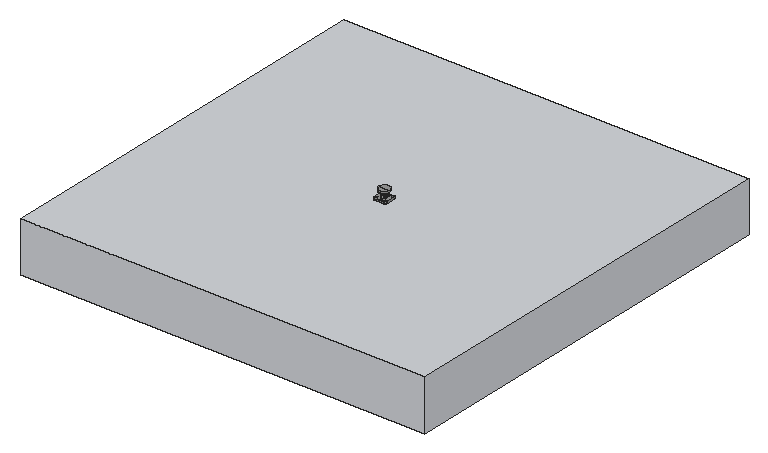
Revit family "Hekatron_Feststellanlagen_AFS 65_DE_22.01", category Brandmelder, Revit 2018
Family settings
  Basisbauteil = Fläche
  Beschriftungsausrichtung beibehalten = Ja
  Bemaßung runder Anschluss = Durchmesser verwenden
  Teiletyp = Normal
  OmniClass-Nummer = 23.85.30.21
  OmniClass-Titel = Environmental Detection/Registration
  Beim Laden mit Abzugskörper schneiden = Nein
  Gemeinsam genutzt = Nein
  Raumberechnungspunkt = Nein
Parameters (values of type "AFS 65")
  Zulässige Umgebungstemperatur = ""
  Zulässige Luftgeschwindigkeit = ""
  Zulassungen nach EN 54 = ""
  Width [instance] = 75 mm
  Version des BIM Objektes = "22.01"
  VdS-Anerkennung = ""
  URL = "https://www.hekatron-brandschutz.de"
  UB A&S Artikel Nummer = "6500178"
  Typenkommentare = "Flexible Winkelankerplatte AFS 65"
  Tiefe (mm) = "75.0"
  Stromaufnahme = ""
  Schutzart = ""
  Rauchteil einstellbar = ""
  Nettogewicht (g) = ""
  Montageart = "Türmontage"
  Modell = "AFS 65"
  Material = "Kunststoff\nMetall"
  Link zum Datenblatt = ""
  Link zu ausschreiben.de = "http://www.ausschreiben.de/katalog/Hekatron/position/80"
  Link zu Produktinformation = "https://www.hekatron-planungstools.de/Produktinfo/AFS_65.PDF"
  Link zu Ausschreibungstext = "https://www.meinhplus.de/login"
  Leistungserklärung (DoP) = ""
  Lautstärke DIN-Ton (dB) = ""
  Kabeleinführung = ""
  Höhe (mm) = "55.0"
  Hersteller = "Hekatron"
  Heigth [instance] = 75 mm
  Funktionsprinzip = ""
  Farbe = "silber/schwarz"
  Ex-Zonen = ""
  Einstellung Temperaturklasse nach EN 54-5 = ""
  Einstellung Temperaturindex nach EN 54-5 = ""
  Einstellung Rauchempfindlichkeit nach EN 54-20 = ""
  Einstellen Rauchempfindlichkeit nach EN 54-7 = ""
  EG-Konformitätszertifikat / Zertifikat der Leistungsbeständigkeit = ""
  Durchmesser (mm) = ""
  Depth [instance] = 55 mm
  Vorgabe-Ansicht = 1200 mm
  Breite (mm) = "75.0"
  Betriebsspannung = ""
  Beschreibung = "Ankerplatte, Durchmesser 65mm, für extreme Einstellungen, passend zum THM 425."
  Bauartgenehmigungen = ""
  Anzahl Ansaugleitungen = ""
  Ansprechtemperatur = ""
  Alarm- & Empfindlichkeitsbereich = ""
Reference planes
  plane 1 "Center (Front/Back)": y = 0
  plane 2: z = 0
  plane 3 "Center (Left/Right)": x = 0
Forms (mm)
  Extrusion 1, solid
    sketch origin (0, 0, 0) x (1, 0, 0) y (0, 1, 0)
      loop
        line (-1219.2, 1219.2) -> (-1219.2, -1219.2) -> (1219.2, -1219.2) -> (1219.2, 1219.2) -> (-1219.2, 1219.2)
    from 0 to -304.8
  Revolve 2, solid, material "Silver"
    sketch origin (0, 0, 48) x (-1, 0, 0) y (0, 0, -1)
      loop
        line (0, 5.5) -> (-5.5, 5.5)
        arc (-5.5, 5.5) -> (-6.561, 5.061) -> (-7, 4) r 1.5
        line (-7, 4) -> (-7, 3.15) -> (-5, 3.15) -> (-5, 2.35) -> (-7, 2.35) -> (-7, 1.5)
        arc (-7, 1.5) -> (-6.561, 0.439) -> (-5.5, 0) r 1.5
        line (-5.5, 0) -> (-32.5, 0) -> (-32.5, -7) -> (0, -7) -> (0, 5.5)
      axis (0, 5.5) -> (0, -7)
    angle from 0 to 360
  Extrusion 3, solid, material "Steel, Carbon"
    sketch origin (0, 0, 0) x (1, 0, 0) y (0, 1, 0)
      loop
        line (30, 37.5) -> (-30, 37.5)
        arc (-30, 37.5) -> (-35.303, 35.303) -> (-37.5, 30) r 7.5
        line (-37.5, 30) -> (-37.5, -30)
        arc (-37.5, -30) -> (-35.303, -35.303) -> (-30, -37.5) r 7.5
        line (-30, -37.5) -> (30, -37.5)
        arc (30, -37.5) -> (35.303, -35.303) -> (37.5, -30) r 7.5
        line (37.5, -30) -> (37.5, 30)
        arc (37.5, 30) -> (35.303, 35.303) -> (30, 37.5) r 7.5
    from 0.8 to 8
  Extrusion 4, solid, material "Steel, Carbon"
    sketch origin (0, 0, 0) x (1, 0, 0) y (0, 1, 0)
      loop
        circle (30, 30) r 7.5
      loop
        circle (-30, 30) r 7.5
      loop
        circle (30, -30) r 7.5
      loop
        circle (-30, -30) r 7.5
    from 0 to 0.8
  Revolve 5, void
    sketch origin (0, -30, 0) x (1, 0, 0) y (0, 0, -1)
      loop
        line (-24.75, -8) -> (-27.25, -5.5) -> (-27.25, 0) -> (-30, 0) -> (-30, -8) -> (-24.75, -8)
      axis (-30, 0) -> (-30, -8)
    angle from 0 to 360
  Sweep 6, void
    path in 3D
      loop
        arc (-37.5, -30, 8) -> (-35.303, -35.303, 8) -> (-30, -37.5, 8) r 7.5
        line (-30, -37.5, 8) -> (30, -37.5, 8)
        arc (30, -37.5, 8) -> (35.303, -35.303, 8) -> (37.5, -30, 8) r 7.5
        line (37.5, -30, 8) -> (37.5, 30, 8)
        arc (37.5, 30, 8) -> (35.303, 35.303, 8) -> (30, 37.5, 8) r 7.5
        line (30, 37.5, 8) -> (-30, 37.5, 8)
        arc (-30, 37.5, 8) -> (-35.303, 35.303, 8) -> (-37.5, 30, 8) r 7.5
        line (-37.5, 30, 8) -> (-37.5, -30, 8)
    profile origin (-37.5, 0, 8) x (1, 0, 0) y (0, 0, 1)
      loop
        line (0, 0) -> (0, -1)
        arc (0, -1) -> (0.293, -0.293) -> (1, 0) r 1
        line (1, 0) -> (0, 0)
  Blend 7, void
    base sketch origin (0, 0, 0) x (-1, 0, 0) y (0, -1, 0)
      loop
        arc (20, -32.5) -> (21.768, -31.768) -> (22.5, -30) r 2.5
        arc (22.5, -30) -> (22.564, -29.021) -> (22.756, -28.059) r 7.5
        arc (22.756, -28.059) -> (22.756, -26.765) -> (22.109, -25.644) r 2.5
        line (22.109, -25.644) -> (11.77, -15.306)
        arc (11.77, -15.306) -> (9.046, -14.764) -> (7.502, -17.074) r 2.5
        arc (7.502, -17.074) -> (6.77, -18.841) -> (5.002, -19.574) r 2.5
        arc (5.002, -19.574) -> (3.235, -20.306) -> (2.5, -22.074) r 2.5
        line (2.5, -22.074) -> (2.5, -30)
        arc (2.5, -30) -> (3.232, -31.768) -> (5, -32.5) r 2.5
        line (5, -32.5) -> (20, -32.5)
    top sketch origin (0, 0, 0) x (-1, 0, 0) y (0, -1, 0)
      loop
        arc (20, -31.1) -> (20.778, -30.778) -> (21.1, -30) r 1.1
        arc (21.1, -30) -> (21.176, -28.838) -> (21.403, -27.697) r 8.9
        arc (21.403, -27.697) -> (21.403, -27.127) -> (21.119, -26.634) r 1.1
        line (21.119, -26.634) -> (10.78, -16.296)
        arc (10.78, -16.296) -> (9.582, -16.057) -> (8.902, -17.074) r 1.1
        arc (8.902, -17.074) -> (7.76, -19.831) -> (5.002, -20.974) r 3.9
        arc (5.002, -20.974) -> (4.225, -21.296) -> (3.9, -22.074) r 1.1
        line (3.9, -22.074) -> (3.9, -30)
        arc (3.9, -30) -> (4.222, -30.778) -> (5, -31.1) r 1.1
        line (5, -31.1) -> (20, -31.1)
    from 0.8 to 3
  Blend 8, void
    base sketch origin (0, 0, 0) x (0, 1, 0) y (-1, 0, 0)
      loop
        line (20, 32.5) -> (5, 32.5)
        arc (5, 32.5) -> (3.232, 31.768) -> (2.5, 30) r 2.5
        line (2.5, 30) -> (2.5, 12.071)
        arc (2.5, 12.071) -> (4.043, 9.761) -> (6.768, 10.303) r 2.5
        line (6.768, 10.303) -> (22.109, 25.644)
        arc (22.109, 25.644) -> (22.756, 26.765) -> (22.756, 28.059) r 2.5
        arc (22.756, 28.059) -> (22.564, 29.021) -> (22.5, 30) r 7.5
        arc (22.5, 30) -> (21.768, 31.768) -> (20, 32.5) r 2.5
    top sketch origin (0, 0, 0) x (0, 1, 0) y (-1, 0, 0)
      loop
        line (20, 31.1) -> (5, 31.1)
        arc (5, 31.1) -> (4.222, 30.778) -> (3.9, 30) r 1.1
        line (3.9, 30) -> (3.9, 12.071)
        arc (3.9, 12.071) -> (4.579, 11.055) -> (5.778, 11.293) r 1.1
        line (5.778, 11.293) -> (21.119, 26.634)
        arc (21.119, 26.634) -> (21.403, 27.127) -> (21.403, 27.697) r 1.1
        arc (21.403, 27.697) -> (21.176, 28.838) -> (21.1, 30) r 8.9
        arc (21.1, 30) -> (20.778, 30.778) -> (20, 31.1) r 1.1
    from 0.8 to 3
  Revolve 9, void
    sketch origin (0, -30, 0) x (-1, 0, 0) y (0, 0, 1)
      loop
        line (-24.75, 8) -> (-30, 8) -> (-30, 0) -> (-27.25, 0) -> (-27.25, 5.5) -> (-24.75, 8)
      axis (-30, 0) -> (-30, 8)
    angle from 0 to 360
  Revolve 10, void
    sketch origin (0, 30, 0) x (1, 0, 0) y (0, 0, 1)
      loop
        line (-24.75, 8) -> (-30, 8) -> (-30, 0) -> (-27.25, 0) -> (-27.25, 5.5) -> (-24.75, 8)
      axis (-30, 0) -> (-30, 8)
    angle from 0 to 360
  Revolve 11, void
    sketch origin (0, 30, 0) x (-1, 0, 0) y (0, 0, -1)
      loop
        line (-24.75, -8) -> (-27.25, -5.5) -> (-27.25, 0) -> (-30, 0) -> (-30, -8) -> (-24.75, -8)
      axis (-30, 0) -> (-30, -8)
    angle from 0 to 360
  Extrusion 12, void
    sketch origin (0, 0, 0) x (1, 0, 0) y (0, 0, 1)
      loop
        line (-8, 33.5) -> (-8, 9.5) -> (8, 9.5) -> (8, 33.5) -> (-8, 33.5)
    from -11 to 11
  Extrusion 13, solid, material "Steel, Carbon"
    sketch origin (0, 0, 0) x (0, 1, 0) y (0, 0, 1)
      loop
        arc (-11, 20.5) -> (0, 9.5) -> (11, 20.5) r 11
        line (11, 20.5) -> (11, 42.5) -> (-11, 42.5) -> (-11, 20.5)
    from -14 to 14
  Sweep 14, void
    path in 3D
      loop
        line (14, -11, 42.5) -> (14, -11, 20.5)
        arc (14, -11, 20.5) -> (14, 0, 9.5) -> (14, 11, 20.5) r 11
        line (14, 11, 20.5) -> (14, 11, 42.5)
    profile origin (14, 11, 31.5) x (0, -1, 0) y (1, 0, 0)
      loop
        line (3, 0) -> (0, 0) -> (0, -3)
        arc (0, -3) -> (0.879, -0.879) -> (3, 0) r 3
  Sweep 15, void
    path in 3D
      loop
        line (-14, -11, 42.5) -> (-14, -11, 20.5)
        arc (-14, -11, 20.5) -> (-14, 0, 9.5) -> (-14, 11, 20.5) r 11
        line (-14, 11, 20.5) -> (-14, 11, 42.5)
    profile origin (-14, 11, 31.5) x (0, 1, 0) y (-1, 0, 0)
      loop
        arc (-3, 0) -> (-0.879, -0.879) -> (0, -3) r 3
        line (0, -3) -> (0, 0) -> (-3, 0)
  Revolve 16, solid, material "Stainless Steel"
    sketch origin (0, 0, 20.5) x (1, 0, 0) y (0, 1, 0)
      loop
        line (15.957, 5.829) -> (14, 6) -> (14, 0) -> (17.6, 0) -> (17.6, 4.036)
        arc (17.6, 4.036) -> (17.127, 5.252) -> (15.957, 5.829) r 1.8
      axis (14, 0) -> (17.6, 0)
    angle from 0 to 360
  Extrusion 17, solid, material "Stainless Steel"
    sketch origin (0, 0, 0) x (0, 1, 0) y (0, 0, 1)
      loop
        line (-2.887, 25.5) -> (-5.774, 20.5) -> (-2.887, 15.5) -> (2.887, 15.5) -> (5.774, 20.5) -> (2.887, 25.5) -> (-2.887, 25.5)
    from -15.2 to -14
  Extrusion 18, solid, material "Stainless Steel"
    sketch origin (0, 0, 0) x (0, 1, 0) y (0, 0, 1)
      loop
        circle (0, 20.5) r 3
    from -16 to -15.2
  Extrusion 19, solid, material "Steel, Carbon"
    sketch origin (0, 0, 0) x (0, 1, 0) y (0, 0, 1)
      loop
        arc (-18.411, 8.5) -> (-18.777, 8.134) -> (-19.277, 8) r 1
        line (-19.277, 8) -> (19.277, 8)
        arc (19.277, 8) -> (18.777, 8.134) -> (18.411, 8.5) r 1
        line (18.411, 8.5) -> (8.612, 25.472)
        arc (8.612, 25.472) -> (4.972, 29.112) -> (0, 30.445) r 9.945
        arc (0, 30.445) -> (-4.972, 29.112) -> (-8.612, 25.472) r 9.945
        line (-8.612, 25.472) -> (-18.411, 8.5)
    from -8 to 8
  Extrusion 20, void
    sketch origin (0, 0, 0) x (0, 1, 0) y (0, 0, 1)
      loop
        line (-4.743, 23.822) -> (3.653, 16.007)
        arc (3.653, 16.007) -> (3.955, 16.271) -> (4.239, 16.555) r 5.791
        arc (4.239, 16.555) -> (4.502, 16.858) -> (4.743, 17.178) r 5.791
        line (4.743, 17.178) -> (-3.653, 24.993)
        arc (-3.653, 24.993) -> (-3.955, 24.729) -> (-4.239, 24.445) r 5.791
        arc (-4.239, 24.445) -> (-4.502, 24.142) -> (-4.743, 23.822) r 5.791
    from 16.2 to 17.6
  Blend 21, void
    base sketch origin (0, 0, 0) x (0, -1, 0) y (1, 0, 0)
      loop
        arc (20, -32.5) -> (21.768, -31.768) -> (22.5, -30) r 2.5
        arc (22.5, -30) -> (22.564, -29.021) -> (22.756, -28.059) r 7.5
        arc (22.756, -28.059) -> (22.756, -26.765) -> (22.109, -25.644) r 2.5
        line (22.109, -25.644) -> (6.768, -10.303)
        arc (6.768, -10.303) -> (4.043, -9.761) -> (2.5, -12.071) r 2.5
        line (2.5, -12.071) -> (2.5, -30)
        arc (2.5, -30) -> (3.232, -31.768) -> (5, -32.5) r 2.5
        line (5, -32.5) -> (20, -32.5)
    top sketch origin (0, 0, 0) x (0, -1, 0) y (1, 0, 0)
      loop
        arc (20, -31.1) -> (20.778, -30.778) -> (21.1, -30) r 1.1
        arc (21.1, -30) -> (21.176, -28.838) -> (21.403, -27.697) r 8.9
        arc (21.403, -27.697) -> (21.403, -27.127) -> (21.119, -26.634) r 1.1
        line (21.119, -26.634) -> (5.778, -11.293)
        arc (5.778, -11.293) -> (4.579, -11.055) -> (3.9, -12.071) r 1.1
        line (3.9, -12.071) -> (3.9, -30)
        arc (3.9, -30) -> (4.222, -30.778) -> (5, -31.1) r 1.1
        line (5, -31.1) -> (20, -31.1)
    from 0.8 to 3
  Blend 22, void
    base sketch origin (0, 0, 0) x (0, 1, 0) y (-1, 0, 0)
      loop
        arc (20, -32.5) -> (21.768, -31.768) -> (22.5, -30) r 2.5
        arc (22.5, -30) -> (22.564, -29.021) -> (22.756, -28.059) r 7.5
        arc (22.756, -28.059) -> (22.756, -26.765) -> (22.109, -25.644) r 2.5
        line (22.109, -25.644) -> (6.768, -10.303)
        arc (6.768, -10.303) -> (4.043, -9.761) -> (2.5, -12.071) r 2.5
        line (2.5, -12.071) -> (2.5, -30)
        arc (2.5, -30) -> (3.232, -31.768) -> (5, -32.5) r 2.5
        line (5, -32.5) -> (20, -32.5)
    top sketch origin (0, 0, 0) x (0, 1, 0) y (-1, 0, 0)
      loop
        arc (20, -31.1) -> (20.778, -30.778) -> (21.1, -30) r 1.1
        arc (21.1, -30) -> (21.176, -28.838) -> (21.403, -27.697) r 8.9
        arc (21.403, -27.697) -> (21.403, -27.127) -> (21.119, -26.634) r 1.1
        line (21.119, -26.634) -> (5.778, -11.293)
        arc (5.778, -11.293) -> (4.579, -11.055) -> (3.9, -12.071) r 1.1
        line (3.9, -12.071) -> (3.9, -30)
        arc (3.9, -30) -> (4.222, -30.778) -> (5, -31.1) r 1.1
        line (5, -31.1) -> (20, -31.1)
    from 0.8 to 3
  Blend 23, void
    base sketch origin (0, 0, 0) x (0, -1, 0) y (1, 0, 0)
      loop
        line (20, 32.5) -> (5, 32.5)
        arc (5, 32.5) -> (3.232, 31.768) -> (2.5, 30) r 2.5
        line (2.5, 30) -> (2.5, 12.071)
        arc (2.5, 12.071) -> (4.043, 9.761) -> (6.768, 10.303) r 2.5
        line (6.768, 10.303) -> (22.109, 25.644)
        arc (22.109, 25.644) -> (22.756, 26.765) -> (22.756, 28.059) r 2.5
        arc (22.756, 28.059) -> (22.564, 29.021) -> (22.5, 30) r 7.5
        arc (22.5, 30) -> (21.768, 31.768) -> (20, 32.5) r 2.5
    top sketch origin (0, 0, 0) x (0, -1, 0) y (1, 0, 0)
      loop
        line (20, 31.1) -> (5, 31.1)
        arc (5, 31.1) -> (4.222, 30.778) -> (3.9, 30) r 1.1
        line (3.9, 30) -> (3.9, 12.071)
        arc (3.9, 12.071) -> (4.579, 11.055) -> (5.778, 11.293) r 1.1
        line (5.778, 11.293) -> (21.119, 26.634)
        arc (21.119, 26.634) -> (21.403, 27.127) -> (21.403, 27.697) r 1.1
        arc (21.403, 27.697) -> (21.176, 28.838) -> (21.1, 30) r 8.9
        arc (21.1, 30) -> (20.778, 30.778) -> (20, 31.1) r 1.1
    from 0.8 to 3
  Blend 24, void
    base sketch origin (0, 0, 0) x (1, 0, 0) y (0, 1, 0)
      loop
        line (20, 32.5) -> (5, 32.5)
        arc (5, 32.5) -> (3.232, 31.768) -> (2.5, 30) r 2.5
        line (2.5, 30) -> (2.5, 22.074)
        arc (2.5, 22.074) -> (3.235, 20.306) -> (5.002, 19.574) r 2.5
        arc (5.002, 19.574) -> (6.77, 18.841) -> (7.502, 17.074) r 2.5
        arc (7.502, 17.074) -> (9.046, 14.764) -> (11.77, 15.306) r 2.5
        line (11.77, 15.306) -> (22.109, 25.644)
        arc (22.109, 25.644) -> (22.756, 26.765) -> (22.756, 28.059) r 2.5
        arc (22.756, 28.059) -> (22.564, 29.021) -> (22.5, 30) r 7.5
        arc (22.5, 30) -> (21.768, 31.768) -> (20, 32.5) r 2.5
    top sketch origin (0, 0, 0) x (1, 0, 0) y (0, 1, 0)
      loop
        line (20, 31.1) -> (5, 31.1)
        arc (5, 31.1) -> (4.222, 30.778) -> (3.9, 30) r 1.1
        line (3.9, 30) -> (3.9, 22.074)
        arc (3.9, 22.074) -> (4.225, 21.296) -> (5.002, 20.974) r 1.1
        arc (5.002, 20.974) -> (7.76, 19.831) -> (8.902, 17.074) r 3.9
        arc (8.902, 17.074) -> (9.582, 16.057) -> (10.78, 16.296) r 1.1
        line (10.78, 16.296) -> (21.119, 26.634)
        arc (21.119, 26.634) -> (21.403, 27.127) -> (21.403, 27.697) r 1.1
        arc (21.403, 27.697) -> (21.176, 28.838) -> (21.1, 30) r 8.9
        arc (21.1, 30) -> (20.778, 30.778) -> (20, 31.1) r 1.1
    from 0.8 to 3
  Blend 25, void
    base sketch origin (0, 0, 0) x (-1, 0, 0) y (0, -1, 0)
      loop
        line (20, 32.5) -> (5, 32.5)
        arc (5, 32.5) -> (3.232, 31.768) -> (2.5, 30) r 2.5
        line (2.5, 30) -> (2.5, 22.074)
        arc (2.5, 22.074) -> (3.235, 20.306) -> (5.002, 19.574) r 2.5
        arc (5.002, 19.574) -> (6.77, 18.841) -> (7.502, 17.074) r 2.5
        arc (7.502, 17.074) -> (9.046, 14.764) -> (11.77, 15.306) r 2.5
        line (11.77, 15.306) -> (22.109, 25.644)
        arc (22.109, 25.644) -> (22.756, 26.765) -> (22.756, 28.059) r 2.5
        arc (22.756, 28.059) -> (22.564, 29.021) -> (22.5, 30) r 7.5
        arc (22.5, 30) -> (21.768, 31.768) -> (20, 32.5) r 2.5
    top sketch origin (0, 0, 0) x (-1, 0, 0) y (0, -1, 0)
      loop
        line (20, 31.1) -> (5, 31.1)
        arc (5, 31.1) -> (4.222, 30.778) -> (3.9, 30) r 1.1
        line (3.9, 30) -> (3.9, 22.074)
        arc (3.9, 22.074) -> (4.225, 21.296) -> (5.002, 20.974) r 1.1
        arc (5.002, 20.974) -> (7.76, 19.831) -> (8.902, 17.074) r 3.9
        arc (8.902, 17.074) -> (9.582, 16.057) -> (10.78, 16.296) r 1.1
        line (10.78, 16.296) -> (21.119, 26.634)
        arc (21.119, 26.634) -> (21.403, 27.127) -> (21.403, 27.697) r 1.1
        arc (21.403, 27.697) -> (21.176, 28.838) -> (21.1, 30) r 8.9
        arc (21.1, 30) -> (20.778, 30.778) -> (20, 31.1) r 1.1
    from 0.8 to 3
  Blend 26, void
    base sketch origin (0, 0, 0) x (1, 0, 0) y (0, 1, 0)
      loop
        arc (20, -32.5) -> (21.768, -31.768) -> (22.5, -30) r 2.5
        arc (22.5, -30) -> (22.564, -29.021) -> (22.756, -28.059) r 7.5
        arc (22.756, -28.059) -> (22.756, -26.765) -> (22.109, -25.644) r 2.5
        line (22.109, -25.644) -> (11.77, -15.306)
        arc (11.77, -15.306) -> (9.046, -14.764) -> (7.502, -17.074) r 2.5
        arc (7.502, -17.074) -> (6.77, -18.841) -> (5.002, -19.574) r 2.5
        arc (5.002, -19.574) -> (3.235, -20.306) -> (2.5, -22.074) r 2.5
        line (2.5, -22.074) -> (2.5, -30)
        arc (2.5, -30) -> (3.232, -31.768) -> (5, -32.5) r 2.5
        line (5, -32.5) -> (20, -32.5)
    top sketch origin (0, 0, 0) x (1, 0, 0) y (0, 1, 0)
      loop
        arc (20, -31.1) -> (20.778, -30.778) -> (21.1, -30) r 1.1
        arc (21.1, -30) -> (21.176, -28.838) -> (21.403, -27.697) r 8.9
        arc (21.403, -27.697) -> (21.403, -27.127) -> (21.119, -26.634) r 1.1
        line (21.119, -26.634) -> (10.78, -16.296)
        arc (10.78, -16.296) -> (9.582, -16.057) -> (8.902, -17.074) r 1.1
        arc (8.902, -17.074) -> (7.76, -19.831) -> (5.002, -20.974) r 3.9
        arc (5.002, -20.974) -> (4.225, -21.296) -> (3.9, -22.074) r 1.1
        line (3.9, -22.074) -> (3.9, -30)
        arc (3.9, -30) -> (4.222, -30.778) -> (5, -31.1) r 1.1
        line (5, -31.1) -> (20, -31.1)
    from 0.8 to 3
  Extrusion 27, void
    sketch origin (0, 0, 0) x (0, 1, 0) y (0, 0, 1)
      loop
        arc (9.288, 14.902) -> (8.432, 14.709) -> (7.74, 14.168) r 2
        arc (7.74, 14.168) -> (0, 10.5) -> (-7.74, 14.168) r 10
        arc (-7.74, 14.168) -> (-8.432, 14.709) -> (-9.288, 14.902) r 2
        arc (-9.288, 14.902) -> (-10.288, 14.634) -> (-11.02, 13.902) r 2
        line (-11.02, 13.902) -> (-17.314, 3) -> (17.314, 3) -> (11.02, 13.902)
        arc (11.02, 13.902) -> (10.288, 14.634) -> (9.288, 14.902) r 2
    from -5.5 to 5.5
  Blend 28, void
    base sketch origin (0, 0, 0) x (1, 0, 0) y (0, 1, 0)
      loop
        line (6.1, 18.714) -> (-6.1, 18.714)
        arc (-6.1, 18.714) -> (-6.666, 18.48) -> (-6.9, 17.914) r 0.8
        line (-6.9, 17.914) -> (-6.9, -17.914)
        arc (-6.9, -17.914) -> (-6.666, -18.48) -> (-6.1, -18.714) r 0.8
        line (-6.1, -18.714) -> (6.1, -18.714)
        arc (6.1, -18.714) -> (6.666, -18.48) -> (6.9, -17.914) r 0.8
        line (6.9, -17.914) -> (6.9, 17.914)
        arc (6.9, 17.914) -> (6.666, 18.48) -> (6.1, 18.714) r 0.8
    top sketch origin (0, 0, 0) x (1, 0, 0) y (0, 1, 0)
      loop
        line (5.5, -17.314) -> (5.5, 17.314) -> (-5.5, 17.314) -> (-5.5, -17.314) -> (5.5, -17.314)
    from 0 to 3
Cuts and joins
  Revolve 5, Sweep 6, Blend 7, Blend 8, Revolve 9, Revolve 10, Revolve 11, Blend 21, Blend 22, Blend 23, Blend 24, Blend 25, Blend 26, Extrusion 27, Blend 28 cuts Extrusion 3
  Revolve 5, Blend 7, Blend 8, Revolve 9, Revolve 10, Revolve 11 cuts Extrusion 4
  Extrusion 12, Sweep 14, Sweep 15, Extrusion 20, Blend 28 cuts Extrusion 13
  Extrusion 20, Extrusion 27 cuts Extrusion 19
  Extrusion 20 cuts Revolve 16
Lines and regions (mm)
  sketch lines
    curve 1: line (-37.5, 30, 8) -> (-37.5, -30, 8)
    curve 2: arc (-37.5, 30, 8) -> (-35.303, 35.303, 8) -> (-30, 37.5, 8) r 7.5
    curve 3: line (30, 37.5, 8) -> (-30, 37.5, 8)
    curve 4: arc (-30, -37.5, 8) -> (-35.303, -35.303, 8) -> (-37.5, -30, 8) r 7.5
    curve 5: line (-30, -37.5, 8) -> (30, -37.5, 8)
    curve 6: arc (37.5, -30, 8) -> (35.303, -35.303, 8) -> (30, -37.5, 8) r 7.5
    curve 7: line (37.5, -30, 8) -> (37.5, 30, 8)
    curve 8: arc (30, 37.5, 8) -> (35.303, 35.303, 8) -> (37.5, 30, 8) r 7.5
    curve 9: line (14, 11, 20.5) -> (14, 11, 42.5)
    curve 10: arc (14, 11, 20.5) -> (14, 0, 9.5) -> (14, -11, 20.5) r 11
    curve 11: line (14, -11, 42.5) -> (14, -11, 20.5)
    curve 12: line (-14, 11, 20.5) -> (-14, 11, 42.5)
    curve 13: arc (-14, 11, 20.5) -> (-14, 0, 9.5) -> (-14, -11, 20.5) r 11
    curve 14: line (-14, -11, 42.5) -> (-14, -11, 20.5)
Dimensions and locks
  "Depth": Revolve 2 to Extrusion 1
  "Width": cut or joined group 1 (Extrusion 3, Revolve 5, Sweep 6, Blend 7, Blend 8, Revolve 9, Revolve 10, Revolve 11, Blend 21, Blend 22, Blend 23, Blend 24, Blend 25, Blend 26, Extrusion 27, Blend 28) to cut or joined group 1
  "Heigth": cut or joined group 1 to cut or joined group 1
  aligned and locked: plane 2 to Extrusion 1
  aligned and locked: level to Extrusion 1
Automatic sketch dimensions
  Extrusion 1 sketch curve to Extrusion 1 sketch curve = 2438.4 mm  (x2)
  Sweep 15 sketch curve to profile plane = 0 mm  (x2)
  profile plane to Sweep 15 sketch curve = 0 mm  (x2)
  Sweep 15 sketch curve to Sweep 15 sketch curve = 3 mm
  Sweep 15 sketch curve to Sweep 15 sketch curve = 0 mm  (x2)
  Extrusion 3 sketch curve to plane 3 "Center (Left/Right)" = 37.5 mm
  Extrusion 3 sketch curve to Extrusion 3 sketch curve = 7.5 mm  (x3)
  plane 3 "Center (Left/Right)" to Extrusion 3 sketch curve = 30 mm  (x2)
  plane 1 "Center (Front/Back)" to Extrusion 3 sketch curve = 37.5 mm
  Extrusion 3 sketch curve to plane 1 "Center (Front/Back)" = 30 mm
  Extrusion 4 sketch curve to plane 3 "Center (Left/Right)" = 30 mm  (x2)
  plane 3 "Center (Left/Right)" to Extrusion 4 sketch curve = 30 mm  (x2)
  plane 1 "Center (Front/Back)" to Extrusion 4 sketch curve = 30 mm  (x2)
  Extrusion 4 sketch curve to plane 1 "Center (Front/Back)" = 30 mm  (x2)
  Revolve 5 sketch curve to level = 0 mm  (x2)
  Revolve 5 sketch curve to plane 3 "Center (Left/Right)" = 30 mm
  Revolve 5 sketch curve to Revolve 5 sketch curve = 2.75 mm
  Revolve 5 sketch curve to Revolve 5 sketch curve = 2.5 mm  (x2)
  Revolve 5 sketch curve to Revolve 5 sketch curve = 5.5 mm
  Revolve 5 sketch curve to Revolve 5 sketch curve = 0 mm
  Revolve 5 sketch curve to Revolve 5 sketch curve = 1.577 mm
  profile plane to Sweep 6 sketch curve = 0 mm
  Sweep 6 sketch curve to profile plane = 0 mm
  Sweep 6 sketch curve to profile plane = 1 mm
  plane 3 "Center (Left/Right)" to Blend 7 sketch curve = 2.5 mm
  Blend 7 sketch curve to Blend 7 sketch curve = 2.5 mm
  plane 3 "Center (Left/Right)" to Blend 7 sketch curve = 5.002 mm  (x2)
  Blend 7 sketch curve to Blend 7 sketch curve = 5 mm  (x4)
  Blend 7 sketch curve to Blend 7 sketch curve = 1.768 mm  (x4)
  Blend 7 sketch curve to Blend 7 sketch curve = 15 mm  (x2)
  Blend 7 sketch curve to Blend 7 sketch curve = 0.341 mm  (x2)
  Blend 7 sketch curve to Blend 7 sketch curve = 7.891 mm
  plane 1 "Center (Front/Back)" to Blend 7 sketch curve = 15.306 mm
  Blend 7 sketch curve to Blend 7 sketch curve = 0 mm  (x6)
  Blend 7 sketch curve to Blend 7 sketch curve = 10.338 mm  (x2)
  Blend 7 sketch curve to Blend 7 sketch curve = 2.588 mm
  Blend 7 sketch curve to Blend 7 sketch curve = 7.926 mm  (x2)
  Blend 7 sketch curve to Blend 7 sketch curve = 0.002 mm  (x2)
  plane 3 "Center (Left/Right)" to Blend 7 sketch curve = 3.9 mm
  Blend 7 sketch curve to Blend 7 sketch curve = 1.1 mm  (x2)
  Blend 7 sketch curve to Blend 7 sketch curve = 0.778 mm  (x4)
  Blend 7 sketch curve to Blend 7 sketch curve = 8.881 mm
  plane 1 "Center (Front/Back)" to Blend 7 sketch curve = 16.296 mm
  Blend 8 sketch curve to plane 1 "Center (Front/Back)" = 2.5 mm
  Blend 8 sketch curve to Blend 8 sketch curve = 2.5 mm  (x2)
  Blend 8 sketch curve to Blend 8 sketch curve = 1.768 mm  (x3)
  Blend 8 sketch curve to Blend 8 sketch curve = 15 mm  (x2)
  Blend 8 sketch curve to Blend 8 sketch curve = 0.341 mm  (x2)
  Blend 8 sketch curve to Blend 8 sketch curve = 7.891 mm
  Blend 8 sketch curve to plane 3 "Center (Left/Right)" = 10.303 mm
  Blend 8 sketch curve to Blend 8 sketch curve = 15.341 mm  (x2)
  Blend 8 sketch curve to Blend 8 sketch curve = 4.356 mm
  Blend 8 sketch curve to Blend 8 sketch curve = 0 mm  (x4)
  Blend 8 sketch curve to plane 1 "Center (Front/Back)" = 3.9 mm
  Blend 8 sketch curve to Blend 8 sketch curve = 1.1 mm  (x2)
  Blend 8 sketch curve to Blend 8 sketch curve = 0.778 mm  (x3)
  Blend 8 sketch curve to Blend 8 sketch curve = 8.881 mm
  Blend 8 sketch curve to plane 3 "Center (Left/Right)" = 11.293 mm
  Blend 8 sketch curve to Blend 8 sketch curve = 3.366 mm
  Revolve 9 sketch curve to level = 0 mm  (x2)
  plane 3 "Center (Left/Right)" to Revolve 9 sketch curve = 30 mm
  Revolve 9 sketch curve to Revolve 9 sketch curve = 2.75 mm
  Revolve 9 sketch curve to Revolve 9 sketch curve = 2.5 mm  (x2)
  Revolve 9 sketch curve to Revolve 9 sketch curve = 5.5 mm
  Revolve 9 sketch curve to Revolve 9 sketch curve = 0 mm
  Revolve 9 sketch curve to Revolve 9 sketch curve = 1.577 mm
  Revolve 10 sketch curve to level = 0 mm  (x2)
  Revolve 10 sketch curve to plane 3 "Center (Left/Right)" = 30 mm
  Revolve 10 sketch curve to Revolve 10 sketch curve = 2.75 mm
  Revolve 10 sketch curve to Revolve 10 sketch curve = 2.5 mm  (x2)
  level to Revolve 10 sketch curve = 5.5 mm
  Revolve 10 sketch curve to Revolve 10 sketch curve = 0 mm
  Revolve 10 sketch curve to Revolve 10 sketch curve = 1.577 mm
  Revolve 11 sketch curve to level = 0 mm  (x2)
  plane 3 "Center (Left/Right)" to Revolve 11 sketch curve = 30 mm
  Revolve 11 sketch curve to Revolve 11 sketch curve = 2.75 mm
  Revolve 11 sketch curve to Revolve 11 sketch curve = 2.5 mm  (x2)
  level to Revolve 11 sketch curve = 5.5 mm
  Revolve 11 sketch curve to Revolve 11 sketch curve = 0 mm
  Revolve 11 sketch curve to Revolve 11 sketch curve = 1.577 mm
  Extrusion 12 sketch curve to plane 3 "Center (Left/Right)" = 8 mm
  plane 3 "Center (Left/Right)" to Extrusion 12 sketch curve = 8 mm
  level to Extrusion 12 sketch curve = 9.5 mm
  Extrusion 12 sketch curve to Extrusion 12 sketch curve = 24 mm
  Extrusion 13 sketch curve to plane 1 "Center (Front/Back)" = 0 mm
  plane 1 "Center (Front/Back)" to Extrusion 13 sketch curve = 11 mm
  level to Extrusion 13 sketch curve = 20.5 mm
  Extrusion 13 sketch curve to Extrusion 13 sketch curve = 22 mm
  Sweep 14 sketch curve to profile plane = 0 mm  (x4)
  Sweep 14 sketch curve to Sweep 14 sketch curve = 3 mm
  Sweep 14 sketch curve to Sweep 14 sketch curve = 0 mm  (x2)
  plane 1 "Center (Front/Back)" to Revolve 16 sketch curve = 0 mm  (x2)
  plane 3 "Center (Left/Right)" to Revolve 16 sketch curve = 14 mm
  Revolve 16 sketch curve to Revolve 16 sketch curve = 1.8 mm
  Revolve 16 sketch curve to plane 1 "Center (Front/Back)" = 5.829 mm
  Revolve 16 sketch curve to Revolve 16 sketch curve = 0.157 mm
  Revolve 16 sketch curve to Revolve 16 sketch curve = 3.6 mm
  Revolve 16 sketch curve to Revolve 16 sketch curve = 0.171 mm
  Revolve 16 sketch curve to Revolve 16 sketch curve = 1.394 mm
  Revolve 16 sketch curve to Revolve 16 sketch curve = 1.864 mm
  plane 1 "Center (Front/Back)" to Extrusion 17 sketch curve = 5.774 mm
  plane 1 "Center (Front/Back)" to Extrusion 17 sketch curve = 2.887 mm  (x2)
  Extrusion 17 sketch curve to plane 1 "Center (Front/Back)" = 2.887 mm  (x2)
  Extrusion 17 sketch curve to Extrusion 17 sketch curve = 2.887 mm
  level to Extrusion 17 sketch curve = 15.5 mm
  Extrusion 17 sketch curve to Extrusion 17 sketch curve = 5 mm  (x3)
  Extrusion 18 sketch curve to Extrusion 18 sketch curve = 0 mm  (x2)
  Extrusion 18 sketch curve to plane 1 "Center (Front/Back)" = 0 mm
  level to Extrusion 18 sketch curve = 20.5 mm
  plane 1 "Center (Front/Back)" to Extrusion 18 sketch curve = 2.196 mm
  Extrusion 18 sketch curve to plane 1 "Center (Front/Back)" = 2.196 mm
  Extrusion 18 sketch curve to Extrusion 18 sketch curve = 2.044 mm
  Extrusion 19 sketch curve to Extrusion 19 sketch curve = 0 mm  (x5)
  Extrusion 19 sketch curve to plane 1 "Center (Front/Back)" = 0 mm
  plane 1 "Center (Front/Back)" to Extrusion 19 sketch curve = 8.612 mm
  level to Extrusion 19 sketch curve = 8.5 mm  (x2)
  plane 1 "Center (Front/Back)" to Extrusion 19 sketch curve = 18.411 mm
  Extrusion 19 sketch curve to Extrusion 19 sketch curve = 0.866 mm  (x2)
  Extrusion 19 sketch curve to plane 1 "Center (Front/Back)" = 8.612 mm
  Extrusion 19 sketch curve to plane 1 "Center (Front/Back)" = 18.411 mm
  Extrusion 19 sketch curve to Extrusion 19 sketch curve = 0.5 mm  (x2)
  level to Extrusion 19 sketch curve = 20.5 mm
  Extrusion 19 sketch curve to Extrusion 19 sketch curve = 4.972 mm
  Extrusion 19 sketch curve to Extrusion 19 sketch curve = 0.865 mm
  Extrusion 20 sketch curve to Extrusion 20 sketch curve = 0 mm  (x12)
  Extrusion 20 sketch curve to plane 1 "Center (Front/Back)" = 0 mm
  plane 1 "Center (Front/Back)" to Extrusion 20 sketch curve = 3.653 mm
  Extrusion 20 sketch curve to Extrusion 20 sketch curve = 1.09 mm  (x2)
  Extrusion 20 sketch curve to plane 1 "Center (Front/Back)" = 3.653 mm
  level to Extrusion 20 sketch curve = 16.007 mm
  Extrusion 20 sketch curve to Extrusion 20 sketch curve = 1.171 mm
  Extrusion 20 sketch curve to Extrusion 20 sketch curve = 3.322 mm
  Extrusion 20 sketch curve to Extrusion 20 sketch curve = 0.586 mm
  Extrusion 20 sketch curve to Extrusion 20 sketch curve = 0.504 mm
  Blend 21 sketch curve to plane 1 "Center (Front/Back)" = 2.5 mm
  Blend 21 sketch curve to Blend 21 sketch curve = 2.5 mm  (x2)
  Blend 21 sketch curve to Blend 21 sketch curve = 1.768 mm  (x3)
  Blend 21 sketch curve to Blend 21 sketch curve = 15 mm  (x2)
  Blend 21 sketch curve to Blend 21 sketch curve = 0.341 mm  (x2)
  Blend 21 sketch curve to Blend 21 sketch curve = 7.891 mm
  plane 3 "Center (Left/Right)" to Blend 21 sketch curve = 10.303 mm
  Blend 21 sketch curve to Blend 21 sketch curve = 15.341 mm  (x2)
  Blend 21 sketch curve to Blend 21 sketch curve = 4.356 mm
  Blend 21 sketch curve to Blend 21 sketch curve = 0 mm  (x4)
  Blend 21 sketch curve to plane 1 "Center (Front/Back)" = 3.9 mm
  Blend 21 sketch curve to Blend 21 sketch curve = 1.1 mm  (x2)
  Blend 21 sketch curve to Blend 21 sketch curve = 0.778 mm  (x3)
  Blend 21 sketch curve to Blend 21 sketch curve = 8.881 mm
  plane 3 "Center (Left/Right)" to Blend 21 sketch curve = 11.293 mm
  Blend 21 sketch curve to Blend 21 sketch curve = 3.366 mm
  plane 1 "Center (Front/Back)" to Blend 22 sketch curve = 2.5 mm
  Blend 22 sketch curve to Blend 22 sketch curve = 2.5 mm  (x2)
  Blend 22 sketch curve to Blend 22 sketch curve = 1.768 mm  (x3)
  Blend 22 sketch curve to Blend 22 sketch curve = 15 mm  (x2)
  Blend 22 sketch curve to Blend 22 sketch curve = 0.341 mm  (x2)
  Blend 22 sketch curve to Blend 22 sketch curve = 7.891 mm
  Blend 22 sketch curve to plane 3 "Center (Left/Right)" = 10.303 mm
  Blend 22 sketch curve to Blend 22 sketch curve = 15.341 mm  (x2)
  Blend 22 sketch curve to Blend 22 sketch curve = 4.356 mm
  Blend 22 sketch curve to Blend 22 sketch curve = 0 mm  (x4)
  plane 1 "Center (Front/Back)" to Blend 22 sketch curve = 3.9 mm
  Blend 22 sketch curve to Blend 22 sketch curve = 1.1 mm  (x2)
  Blend 22 sketch curve to Blend 22 sketch curve = 0.778 mm  (x3)
  Blend 22 sketch curve to Blend 22 sketch curve = 8.881 mm
  Blend 22 sketch curve to plane 3 "Center (Left/Right)" = 11.293 mm
  Blend 22 sketch curve to Blend 22 sketch curve = 3.366 mm
  plane 1 "Center (Front/Back)" to Blend 23 sketch curve = 2.5 mm
  Blend 23 sketch curve to Blend 23 sketch curve = 2.5 mm  (x2)
  Blend 23 sketch curve to Blend 23 sketch curve = 1.768 mm  (x3)
  Blend 23 sketch curve to Blend 23 sketch curve = 15 mm  (x2)
  Blend 23 sketch curve to Blend 23 sketch curve = 0.341 mm  (x2)
  Blend 23 sketch curve to Blend 23 sketch curve = 7.891 mm
  plane 3 "Center (Left/Right)" to Blend 23 sketch curve = 10.303 mm
  Blend 23 sketch curve to Blend 23 sketch curve = 15.341 mm  (x2)
  Blend 23 sketch curve to Blend 23 sketch curve = 4.356 mm
  Blend 23 sketch curve to Blend 23 sketch curve = 0 mm  (x4)
  plane 1 "Center (Front/Back)" to Blend 23 sketch curve = 3.9 mm
  Blend 23 sketch curve to Blend 23 sketch curve = 1.1 mm  (x2)
  Blend 23 sketch curve to Blend 23 sketch curve = 0.778 mm  (x3)
  Blend 23 sketch curve to Blend 23 sketch curve = 8.881 mm
  plane 3 "Center (Left/Right)" to Blend 23 sketch curve = 11.293 mm
  Blend 23 sketch curve to Blend 23 sketch curve = 3.366 mm
  plane 3 "Center (Left/Right)" to Blend 24 sketch curve = 2.5 mm
  Blend 24 sketch curve to Blend 24 sketch curve = 2.5 mm
  plane 3 "Center (Left/Right)" to Blend 24 sketch curve = 5.002 mm  (x2)
  Blend 24 sketch curve to Blend 24 sketch curve = 5 mm  (x4)
  Blend 24 sketch curve to Blend 24 sketch curve = 1.768 mm  (x4)
  Blend 24 sketch curve to Blend 24 sketch curve = 15 mm  (x2)
  Blend 24 sketch curve to Blend 24 sketch curve = 0.341 mm  (x2)
  Blend 24 sketch curve to Blend 24 sketch curve = 7.891 mm
  Blend 24 sketch curve to plane 1 "Center (Front/Back)" = 15.306 mm
  Blend 24 sketch curve to Blend 24 sketch curve = 10.338 mm  (x2)
  Blend 24 sketch curve to Blend 24 sketch curve = 2.588 mm
  Blend 24 sketch curve to Blend 24 sketch curve = 7.926 mm  (x2)
  Blend 24 sketch curve to Blend 24 sketch curve = 0.002 mm  (x2)
  Blend 24 sketch curve to Blend 24 sketch curve = 0 mm  (x6)
  plane 3 "Center (Left/Right)" to Blend 24 sketch curve = 3.9 mm
  Blend 24 sketch curve to Blend 24 sketch curve = 1.1 mm  (x2)
  Blend 24 sketch curve to Blend 24 sketch curve = 0.778 mm  (x4)
  Blend 24 sketch curve to Blend 24 sketch curve = 8.881 mm
  Blend 24 sketch curve to plane 1 "Center (Front/Back)" = 16.296 mm
  Blend 25 sketch curve to plane 3 "Center (Left/Right)" = 2.5 mm
  Blend 25 sketch curve to Blend 25 sketch curve = 2.5 mm
  Blend 25 sketch curve to plane 3 "Center (Left/Right)" = 5.002 mm  (x2)
  Blend 25 sketch curve to Blend 25 sketch curve = 5 mm  (x4)
  Blend 25 sketch curve to Blend 25 sketch curve = 1.768 mm  (x4)
  Blend 25 sketch curve to Blend 25 sketch curve = 15 mm  (x2)
  Blend 25 sketch curve to Blend 25 sketch curve = 0.341 mm  (x2)
  Blend 25 sketch curve to Blend 25 sketch curve = 7.891 mm
  plane 1 "Center (Front/Back)" to Blend 25 sketch curve = 15.306 mm
  Blend 25 sketch curve to Blend 25 sketch curve = 10.338 mm  (x2)
  Blend 25 sketch curve to Blend 25 sketch curve = 2.588 mm
  Blend 25 sketch curve to Blend 25 sketch curve = 7.926 mm  (x2)
  Blend 25 sketch curve to Blend 25 sketch curve = 0.002 mm  (x2)
  Blend 25 sketch curve to Blend 25 sketch curve = 0 mm  (x6)
  Blend 25 sketch curve to plane 3 "Center (Left/Right)" = 3.9 mm
  Blend 25 sketch curve to Blend 25 sketch curve = 1.1 mm  (x2)
  Blend 25 sketch curve to Blend 25 sketch curve = 0.778 mm  (x4)
  Blend 25 sketch curve to Blend 25 sketch curve = 8.881 mm
  plane 1 "Center (Front/Back)" to Blend 25 sketch curve = 16.296 mm
  Blend 26 sketch curve to plane 3 "Center (Left/Right)" = 2.5 mm
  Blend 26 sketch curve to Blend 26 sketch curve = 2.5 mm
  Blend 26 sketch curve to plane 3 "Center (Left/Right)" = 5.002 mm  (x2)
  Blend 26 sketch curve to Blend 26 sketch curve = 5 mm  (x4)
  Blend 26 sketch curve to Blend 26 sketch curve = 1.768 mm  (x4)
  Blend 26 sketch curve to Blend 26 sketch curve = 15 mm  (x2)
  Blend 26 sketch curve to Blend 26 sketch curve = 0.341 mm  (x2)
  Blend 26 sketch curve to Blend 26 sketch curve = 7.891 mm
  Blend 26 sketch curve to plane 1 "Center (Front/Back)" = 15.306 mm
  Blend 26 sketch curve to Blend 26 sketch curve = 10.338 mm  (x2)
  Blend 26 sketch curve to Blend 26 sketch curve = 2.588 mm
  Blend 26 sketch curve to Blend 26 sketch curve = 7.926 mm  (x2)
  Blend 26 sketch curve to Blend 26 sketch curve = 0.002 mm  (x2)
  Blend 26 sketch curve to Blend 26 sketch curve = 0 mm  (x6)
  Blend 26 sketch curve to plane 3 "Center (Left/Right)" = 3.9 mm
  Blend 26 sketch curve to Blend 26 sketch curve = 1.1 mm  (x2)
  Blend 26 sketch curve to Blend 26 sketch curve = 0.778 mm  (x4)
  Blend 26 sketch curve to Blend 26 sketch curve = 8.881 mm
  Blend 26 sketch curve to plane 1 "Center (Front/Back)" = 16.296 mm
  Extrusion 27 sketch curve to Extrusion 27 sketch curve = 0 mm  (x5)
  Extrusion 27 sketch curve to plane 1 "Center (Front/Back)" = 0 mm
  plane 1 "Center (Front/Back)" to Extrusion 27 sketch curve = 9.288 mm
  Extrusion 27 sketch curve to Extrusion 27 sketch curve = 1.732 mm  (x2)
  level to Extrusion 27 sketch curve = 3 mm
  Extrusion 27 sketch curve to Extrusion 27 sketch curve = 6.294 mm  (x2)
  Extrusion 27 sketch curve to plane 1 "Center (Front/Back)" = 9.288 mm
  level to Extrusion 27 sketch curve = 12.902 mm  (x2)
  Extrusion 27 sketch curve to Extrusion 27 sketch curve = 1 mm  (x2)
  Extrusion 27 sketch curve to Extrusion 27 sketch curve = 5.598 mm
  Blend 28 sketch curve to plane 3 "Center (Left/Right)" = 6.9 mm
  Blend 28 sketch curve to Blend 28 sketch curve = 0.8 mm  (x4)
  plane 1 "Center (Front/Back)" to Blend 28 sketch curve = 18.714 mm
  Blend 28 sketch curve to plane 1 "Center (Front/Back)" = 17.914 mm
  plane 3 "Center (Left/Right)" to Blend 28 sketch curve = 6.1 mm
  plane 1 "Center (Front/Back)" to Blend 28 sketch curve = 17.314 mm
  Blend 28 sketch curve to plane 3 "Center (Left/Right)" = 5.5 mm
  plane 3 "Center (Left/Right)" to Blend 28 sketch curve = 5.5 mm
  Blend 28 sketch curve to plane 1 "Center (Front/Back)" = 17.314 mm
  Revolve 2 sketch curve to plane 3 "Center (Left/Right)" = 0 mm  (x2)
  plane 3 "Center (Left/Right)" to Revolve 2 sketch curve = 32.5 mm
  level to Revolve 2 sketch curve = 55 mm
  Revolve 2 sketch curve to Revolve 2 sketch curve = 7 mm
  Revolve 2 sketch curve to Revolve 2 sketch curve = 0 mm  (x3)
  Revolve 2 sketch curve to Revolve 2 sketch curve = 1.5 mm  (x2)
  plane 3 "Center (Left/Right)" to Revolve 2 sketch curve = 5 mm
  Revolve 2 sketch curve to Revolve 2 sketch curve = 2.35 mm
  Revolve 2 sketch curve to Revolve 2 sketch curve = 0.8 mm
  Revolve 2 sketch curve to Revolve 2 sketch curve = 0.5 mm  (x2)
  Revolve 2 sketch curve to Revolve 2 sketch curve = 0.85 mm  (x2)
  radius of Extrusion 4 sketch curve = 7.5 mm  (x4)
